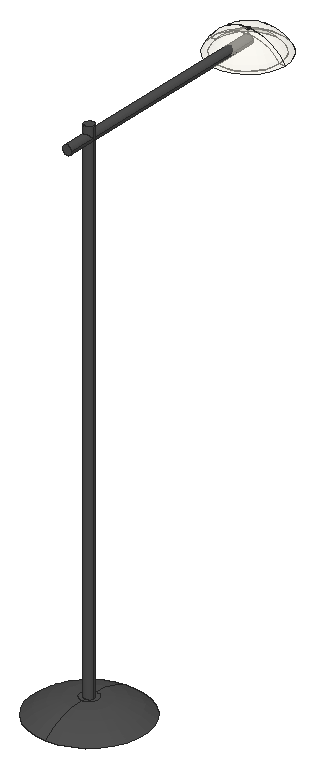
Revit family
Parameters (values of type "100 와트 할로겐")
  Wattage = 100 W
  built-in parameter 1150110 = 1 (stored number, unit not read)
  built-in parameter 1114217 = 1 (stored number, unit not read)
  built-in parameter 1150109 = 1 (stored number, unit not read)
  built-in parameter 1150134 = 3
  built-in parameter 1150113 = 1 (stored number, unit not read)
  Tilt Angle = 90.00°
  built-in parameter 1010507 = 1.5708 (stored number, unit not read)
  built-in parameter 1010506 = 0.5236 (stored number, unit not read)
  built-in parameter 1150115 = 1 (stored number, unit not read)
  built-in parameter 1150105 = 5851.2 (stored number, unit not read)
  Light Source Symbol Length = 1000.00 mm
  built-in parameter 1150137 = (empty or 0)
  built-in parameter 1150139 = (empty or 0)
  built-in parameter 1150112 = 1 (stored number, unit not read)
  built-in parameter 1150114 = 1 (stored number, unit not read)
  Lamp = "T-4"
  Lumens = 1750 lm
  음영처리 = 유리 - 젖빛
  스탠드 = 금속 - 크롬
  Wattage Comments = "100"
  built-in parameter 1150132 = (empty or 0)
  built-in parameter 1150102 = (empty or 0)
  built-in parameter 1150138 = (empty or 0)
  built-in parameter 1150107 = 3200 (stored number, unit not read)
  built-in parameter 1150106 = 58.512 (stored number, unit not read)
  built-in parameter 1150104 = 1.6258 (stored number, unit not read)
  Dimming Lamp Color Temperature Shift = (empty or 0)
  Color Filter = 16777215
  built-in parameter 1114218 = 1 (stored number, unit not read)
  built-in parameter 1150133 = 10 (stored number, unit not read)
Types (3, lengths in mm): name | Wattage | built-in parameter 1150105 | Lumens | Wattage Comments | built-in parameter 1150106 | built-in parameter 1150104
  (no name) | 100 W | 5851.2 (stored number, unit not read) | 1750 lm | "100" | 58.512 (stored number, unit not read) | 1.6258 (stored number, unit not read)
  100 와트 할로겐 | 100 W | 5851.2 (stored number, unit not read) | 1750 lm | "100" | 58.512 (stored number, unit not read) | 1.6258 (stored number, unit not read)
  150 와트 할로겐 | 150 W | 9529.2 (stored number, unit not read) | 2850 lm | "150" | 95.292 (stored number, unit not read) | 1.7652 (stored number, unit not read)
Reference planes
  plane 1: y = 0
  plane 2: z = 0
  plane 3 "광원 축": x = 0
  plane 4 "광원 입면도": z = 1422.4
  plane 5 "광원 축": y = 558.8
  plane 6 "베이스 상단": z = 44.638
Forms (mm)
  Revolve 1, solid, material "금속 - 크롬" <- "스탠드"
    sketch origin (0, 0, 0) x (0, 1, 0) y (0, 0, 1)
      loop
        line (2.467, 0) -> (152.4, 0)
        arc (152.4, 0) -> (92.764, 33.396) -> (25.4, 44.971) r 201.812
        line (25.4, 44.971) -> (2.467, 44.971) -> (2.467, 0)
      axis (0, 0) -> (0, 44.971)
    angle from 0 to 360
  Extrusion 2, solid, material "금속 - 크롬" <- "스탠드"
    sketch origin (0, 0, 0) x (1, 0, 0) y (0, 1, 0)
      loop
        circle (0, 0) r 13.052
    from 44.638 to 1485.9
  Extrusion 3, solid, material "금속 - 크롬" <- "스탠드"
    sketch origin (0, 0, 0) x (-1, 0, 0) y (0, 0, 1)
      loop
        circle (-0.158, 1454.15) r 12.7
    from -76.2 to 558.8
  Revolve 4, solid, material "유리 - 젖빛" <- "음영처리"
    sketch origin (0, 558.8, 0) x (-1, 0, 0) y (0, 0, 1)
      loop
        line (88.144, 1422.4) -> (104.079, 1422.4)
        arc (104.079, 1422.4) -> (63.857, 1465.99) -> (6.777, 1482.106) r 109.139
        line (6.777, 1482.106) -> (0.635, 1482.106) -> (0.635, 1466.231)
        arc (0.635, 1466.231) -> (50.165, 1455.846) -> (88.144, 1422.4) r 99.299
      axis (-0.158, 1422.4) -> (-0.158, 1482.106)
    angle from 0 to 360
Lines and regions (mm)
  Masking region 1
    outline origin (0, 0, 0) x (1, 0, 0) y (0, 1, 0)
      loop
        circle (0, 558.8) r 101.714
  Masking region 2
    outline origin (0, 0, 44.638) x (-1, 0, 0) y (0, -1, 0)
      loop
        circle (0, 0) r 152.4
  symbolic lines
    curve 1: arc (25.608, 0, 0) -> (0, 25.608, 0) -> (-25.608, 0, 0) r 25.608
    curve 2: arc (-25.608, 0, 0) -> (0, -25.608, 0) -> (25.608, 0, 0) r 25.608
    curve 3: arc (152.4, 0, 44.638) -> (0, 152.4, 44.638) -> (-152.4, 0, 44.638) r 152.4
    curve 5: line (0, -76.332, 0) -> (0, 457.086, 0)
    curve 6: arc (101.714, 558.8, 0) -> (0, 660.514, 0) -> (-101.714, 558.8, 0) r 101.714
    curve 7: arc (-101.714, 558.8, 0) -> (0, 457.086, 0) -> (101.714, 558.8, 0) r 101.714
  symbolic lines, style "LightingFixtures"
    curve 4: arc (-152.4, 0, 44.638) -> (0, -152.4, 44.638) -> (152.4, 0, 44.638) r 152.4
Dimensions and locks
  plane 1 to curve 7 = 558.80 mm
  locked: plane 4 "광원 입면도" to Extrusion 3 sketch curve at 31.75
  locked: Revolve 4 sketch curve to plane 4 "광원 입면도" at 49.433
  locked: Revolve 4 sketch curve to plane 4 "광원 입면도" at 55.339
  locked: plane 4 "광원 입면도" to Extrusion 2 at 63.5
  plane 2 to plane 4 "광원 입면도" = 1422.40 mm
  locked: plane 6 "베이스 상단" to plane 2 at 44.638
  aligned and locked: plane 3 "광원 축" to curve 5
  aligned and locked: Masking region 1 sketch curve to curve 7
  aligned and locked: Masking region 1 sketch curve to curve 6
  aligned and locked: Masking region 2 sketch curve to curve 3
  aligned and locked: Masking region 2 sketch curve to curve 4
  aligned and locked: imposter light to plane 3 "광원 축"
  aligned and locked: plane 5 "광원 축" to imposter light
  aligned and locked: plane 4 "광원 입면도" to imposter light
